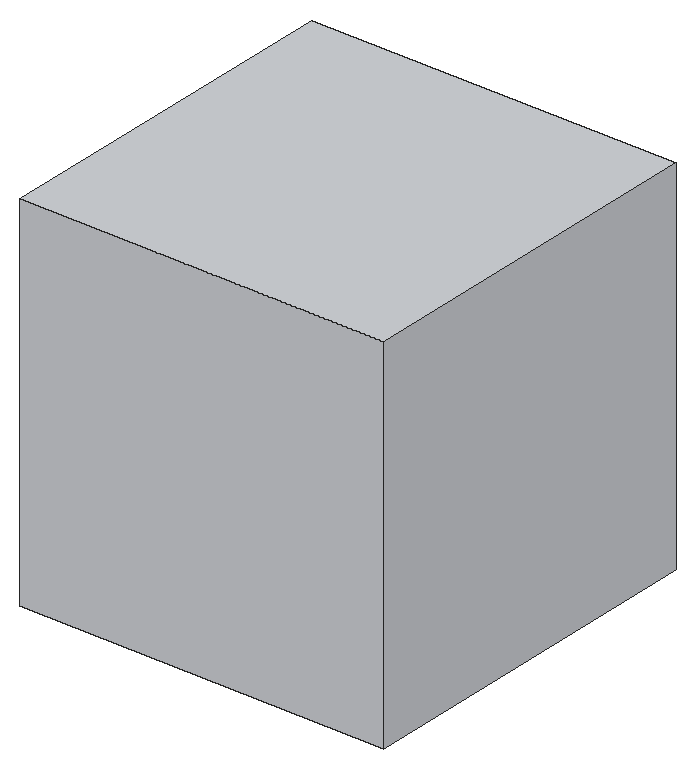
Revit family "プルボックス", category Electrical Equipment, host Face, Revit 2023
Family settings
  Host = Face
  Panel Configuration = Two Columns, Circuits Across
  Round Connector Dimension = Use Diameter
  Part Type = Panelboard
  Cut with Voids When Loaded = No
  Maintain Annotation Orientation = No
  Shared = No
  Room Calculation Point = No
Parameters
  長さ3 [instance] = 400 mm
  長さ2 [instance] = 400 mm
  長さ1 [instance] = 400 mm
  構造マテリアル [instance] = none
  Default Elevation = 1219.2 mm
Reference planes
  plane 1 "中心(正面/背面)": y = 0
  plane 2: z = 0
  plane 3 "中心(左/右)": x = 0
Forms (mm)
  Extrusion 1, solid, material <- "構造マテリアル"
    sketch origin (0, 0, 0) x (1, 0, 0) y (0, 1, 0)
      loop
        line (-200, 200) -> (-200, -200) -> (200, -200) -> (200, 200) -> (-200, 200)
    from 0 to 400
Lines and regions (mm)
  reference lines
    curve 1: line (-200, -200, 0) -> (-200, 200, 0)
    curve 2: line (200, 200, 0) -> (200, -200, 0)
    curve 3: line (200, -200, 0) -> (-200, -200, 0)
    curve 4: line (-200, 200, 0) -> (200, 200, 0)
    curve 5: line (-480, 0, 0) -> (520, 0, 0)
    curve 6: line (-200, 0, 400) -> (200, 0, 400)
Dimensions and locks
  equal spacing: curve 4, plane 1 "中心(正面/背面)", curve 3
  equal spacing: curve 1, plane 3 "中心(左/右)", curve 2
  "長さ2": curve 4 to curve 3
  "長さ1": curve 1 to curve 2
  "長さ3": curve 6 to curve 5
  equal spacing: curve 6, plane 3 "中心(左/右)", curve 6
  equal spacing: curve 3, plane 3 "中心(左/右)", curve 3
  "長さ1": curve 6 to curve 6
  "長さ1": curve 3 to curve 3
  aligned and locked: plane 2 to host face
  aligned and locked: level to host face
  aligned and locked: Extrusion 1 to curve 1  (x3)
  aligned and locked: Extrusion 1 to curve 2
  aligned and locked: Extrusion 1 to curve 6
Automatic sketch dimensions
  host sketch curve to host sketch curve = 2438.4 mm  (x2)
  Extrusion 1 sketch curve to plane 3 "中心(左/右)" = 200 mm
  plane 3 "中心(左/右)" to Extrusion 1 sketch curve = 200 mm
  plane 1 "中心(正面/背面)" to Extrusion 1 sketch curve = 200 mm
  Extrusion 1 sketch curve to plane 1 "中心(正面/背面)" = 200 mm
  curve 5 to level = 0 mm
  curve 5 to plane 3 "中心(左/右)" = 480 mm
  curve 6 to curve 5 = 320 mm
